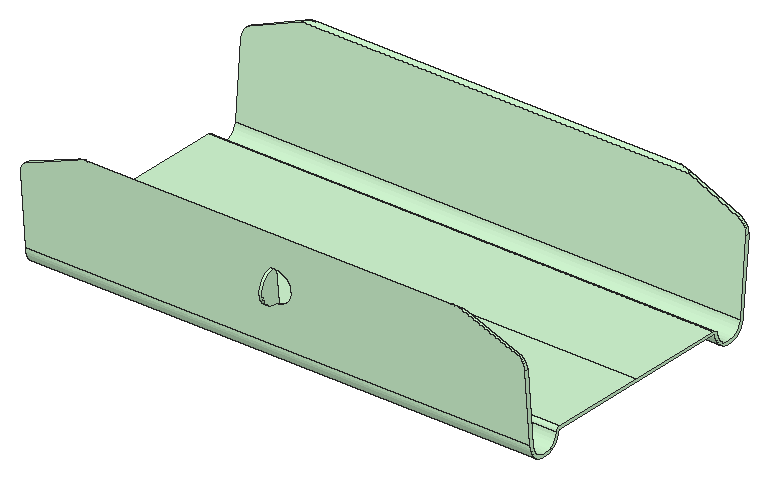
Revit family "joint_cw25", category 機械設備, Revit 2022
Family settings
  丸型コネクタ寸法 = 直径を使用
  種別 = なし
  パーツ タイプ = 標準
  作業面ベース = いいえ
  常に垂直 = はい
  ロード時にボイドで切り取り = いいえ
  注釈の向きを維持 = いいえ
  共有 = いいえ
  部屋計算ポイント = いいえ
Parameters
  製造元 = "株式会社桐井製作所"
  既定の高さ = 0 mm
  URL = "https://www.kirii.co.jp/"
  K_材質 = "SGCC　一般用"
  K_品名 = "CW-25用ジョイント"
  K_名称 = "野縁ジョイント"
  K_単位質量(kg/個) = 0.037
  K_入数 = "160"
  K_バージョン情報 = "20210524"
  K_めっき付着量 = "Z12"
  K_JIS規格 = "JIS G 3302"
  K_JIS外 [instance] = not(K_JIS)  # no
  K_JIS [instance] = yes
Reference planes
  plane 1 "中心(正面/背面)": y = 0
  plane 2: z = 0
  plane 3 "中心(左/右)": x = 0
Forms (mm)
  Extrusion 1, solid
    sketch origin (0, 0, 0.154) x (0, 1, 0) y (0, 0, 1)
      loop
        line (-17.76, 3.009) -> (0, 3.009) -> (17.76, 3.009)
        arc (17.76, 3.009) -> (21.125, 0.011) -> (24.25, 3.259) r 3.25
        line (24.25, 3.259) -> (26, 22.64) -> (25.448, 22.088) -> (23.702, 2.745)
        arc (23.702, 2.745) -> (20.955, 0.509) -> (18.283, 2.833) r 2.75
        arc (18.283, 2.833) -> (18.013, 3.317) -> (17.493, 3.509) r 0.8
        line (17.493, 3.509) -> (0, 3.509) -> (-17.493, 3.509)
        arc (-17.493, 3.509) -> (-18.013, 3.317) -> (-18.283, 2.833) r 0.8
        arc (-18.283, 2.833) -> (-20.955, 0.509) -> (-23.702, 2.745) r 2.75
        line (-23.702, 2.745) -> (-25.449, 22.093) -> (-26.001, 22.645) -> (-24.25, 3.259)
        arc (-24.25, 3.259) -> (-21.125, 0.011) -> (-17.76, 3.009) r 3.25
    from -46 to 46
  Extrusion 2, solid
    sketch origin (0.25, -13.587, -0.748) x (0, 0.997137, -0.075613) y (0, 0.075613, 0.997137)
      loop
        arc (-13.166, 16.596) -> (-15.63, 13.142) -> (-12.176, 10.678) r 3
        line (-12.176, 10.678) -> (-13.166, 16.596)
    from -0.5 to 0
  Extrusion 3, void
    sketch origin (0, 0, 0) x (1, 0, 0) y (0, 0, 1)
      loop
        arc (44.462, 18.434) -> (45.58, 17.513) -> (46, 16.126) r 2.5
        line (46, 16.126) -> (46, 22.793) -> (33, 22.793)
        arc (33, 22.793) -> (33.981, 22.696) -> (34.923, 22.408) r 5
        line (34.923, 22.408) -> (44.462, 18.434)
      loop
        arc (-34.923, 22.408) -> (-33.981, 22.696) -> (-33, 22.793) r 5
        line (-33, 22.793) -> (-46, 22.793) -> (-46, 16.126)
        arc (-46, 16.126) -> (-45.58, 17.513) -> (-44.462, 18.434) r 2.5
        line (-44.462, 18.434) -> (-34.923, 22.408)
    from -26.529 to 26.374
  Extrusion 4, void
    sketch origin (0.27, -13.382, 23.939) x (1, 0, 0) y (0, 0.008054, 0.999968)
      loop
        line (-0.02, -7.239) -> (-0.02, -13.239)
        arc (-0.02, -13.239) -> (2.974, -10.239) -> (-0.02, -7.239) r 3
    from 10.527 to 12.242
Cuts and joins
  Extrusion 3, Extrusion 4 cuts Extrusion 1
  joined: Extrusion 1, Extrusion 2
Dimensions and locks
  aligned and locked: level to plane 2
